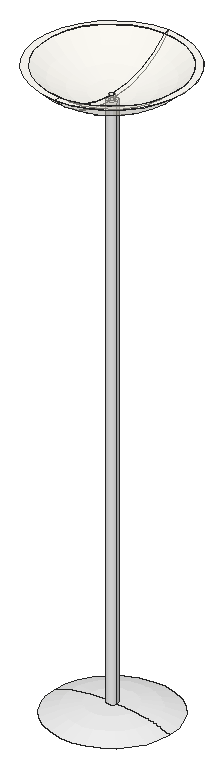
Revit family
Parameters (values of type "1525mm 100 watt Halogen")
  Wattage = 9.2903 W
  built-in parameter 1150110 = 1 (stored number, unit not read)
  built-in parameter 1114217 = 1 (stored number, unit not read)
  built-in parameter 1150109 = 1 (stored number, unit not read)
  built-in parameter 1150134 = 3
  built-in parameter 1150113 = 1 (stored number, unit not read)
  Material Shade = Glass - Frosted
  Material Stand = Metal - Chrome
  built-in parameter 1150105 = 109.82 (stored number, unit not read)
  Lumens = 1380 lm
  built-in parameter 1150115 = 1 (stored number, unit not read)
  Light Source Symbol Size = 609.60 mm
  built-in parameter 1150137 = (empty or 0)
  built-in parameter 1150139 = (empty or 0)
  built-in parameter 1150112 = 1 (stored number, unit not read)
  built-in parameter 1150114 = 1 (stored number, unit not read)
  Keynote = "V"
  built-in parameter 1150132 = 2
  built-in parameter 1150102 = (empty or 0)
  built-in parameter 1150107 = 3200 (stored number, unit not read)
  built-in parameter 1150138 = (empty or 0)
  built-in parameter 1150106 = 1.0982 (stored number, unit not read)
  Height = 1525.00 mm
  built-in parameter 1150104 = 13.8 (stored number, unit not read)
  Dimming Lamp Color Temperature Shift = (empty or 0)
  Color Filter = 16777215
  built-in parameter 1114218 = 1 (stored number, unit not read)
  built-in parameter 1150133 = 10 (stored number, unit not read)
Reference planes
  plane 1 "Light Source Axis": y = 0
  plane 2: z = 0
  plane 3 "Light Source Axis": x = 0
  plane 4: z = 1444.376
  plane 5: z = 1525
  plane 6: z = 1457.076
  plane 7 "light source level": z = 1495.176
Forms (mm)
  Revolve 1, solid, material "Metal - Chrome" <- "Material Stand"
    sketch origin (0, 0, 0) x (0, 1, 0) y (0, 0, 1)
      loop
        line (6.35, 0) -> (152.4, 0)
        arc (152.4, 0) -> (83.837, 19.464) -> (12.7, 23.856) r 332.204
        line (12.7, 23.856) -> (12.7, 1444.376) -> (6.35, 1444.376) -> (6.35, 0)
      axis (0, 0) -> (0, 1444.376)
    angle from -90 to 270
  Revolve 2, solid, material "Glass - Frosted" <- "Material Shade"
    sketch origin (0, 0, 0) x (0, 1, 0) y (0, 0, 1)
      loop
        arc (12.7, 1444.376) -> (109.391, 1466.662) -> (189.657, 1525) r 248.525
        line (189.657, 1525) -> (171.915, 1525)
        arc (171.915, 1525) -> (95.828, 1474.717) -> (6.35, 1457.076) r 235.744
        line (6.35, 1457.076) -> (6.35, 1444.376) -> (12.7, 1444.376)
      axis (0, 1525) -> (0, 1444.376)
    angle from 0 to 360
Lines and regions (mm)
  symbolic lines
    curve 1: arc (152.4, 0, 0) -> (0, 152.4, 0) -> (-152.4, 0, 0) r 152.4
    curve 2: arc (-152.4, 0, 0) -> (0, -152.4, 0) -> (152.4, 0, 0) r 152.4
    curve 3: arc (25.4, 0, 0) -> (0, 25.4, 0) -> (-25.4, 0, 0) r 25.4
    curve 4: arc (-25.4, 0, 0) -> (0, -25.4, 0) -> (25.4, 0, 0) r 25.4
Dimensions and locks
  "Height": plane 5 to level
  locked: plane 4 to plane 5 at 80.624
  locked: plane 6 to plane 5 at 67.924
  locked: plane 7 "light source level" to plane 5 at 29.824
  aligned and locked: level to Revolve 1 sketch curve  (x2)
  aligned and locked: Revolve 1 sketch curve to plane 1 "Light Source Axis"  (x2)
  aligned and locked: Revolve 1 sketch curve to level
  aligned and locked: plane 3 "Light Source Axis" to imposter light
  aligned and locked: plane 1 "Light Source Axis" to imposter light
  aligned and locked: plane 7 "light source level" to imposter light
Automatic sketch dimensions
  curve 1 to plane 1 "Light Source Axis" = 0.00 mm
  curve 1 to plane 3 "Light Source Axis" = 0.00 mm
  curve 1 to plane 3 "Light Source Axis" = 152.40 mm
  curve 3 to plane 1 "Light Source Axis" = 0.00 mm
  curve 3 to plane 3 "Light Source Axis" = 0.00 mm
  curve 3 to plane 3 "Light Source Axis" = 25.40 mm
  Revolve 1 sketch curve to plane 4 = 0.00 mm
  Revolve 1 sketch curve to plane 1 "Light Source Axis" = 6.35 mm
  Revolve 1 sketch curve to Revolve 1 sketch curve = 6.35 mm
  Revolve 1 sketch curve to plane 1 "Light Source Axis" = 27.917 mm
  Revolve 1 sketch curve to Revolve 1 sketch curve = 139.70 mm
  Revolve 1 sketch curve to level = 308.00 mm
  Revolve 1 sketch curve to plane 5 = 279.40 mm
  Revolve 2 sketch curve to plane 1 "Light Source Axis" = 0.00 mm
  Revolve 2 sketch curve to plane 4 = 0.00 mm
  Revolve 2 sketch curve to plane 6 = 0.00 mm
  Revolve 2 sketch curve to plane 5 = 0.00 mm
  Revolve 2 sketch curve to plane 1 "Light Source Axis" = 6.35 mm
  Revolve 2 sketch curve to Revolve 2 sketch curve = 0.00 mm
  Revolve 2 sketch curve to Revolve 2 sketch curve = 6.35 mm
  Revolve 2 sketch curve to plane 1 "Light Source Axis" = 171.915 mm
  Revolve 2 sketch curve to Revolve 2 sketch curve = 17.741 mm
  plane 4 to Revolve 2 sketch curve = 46.376 mm
  Revolve 2 sketch curve to Revolve 2 sketch curve = 15.419 mm
